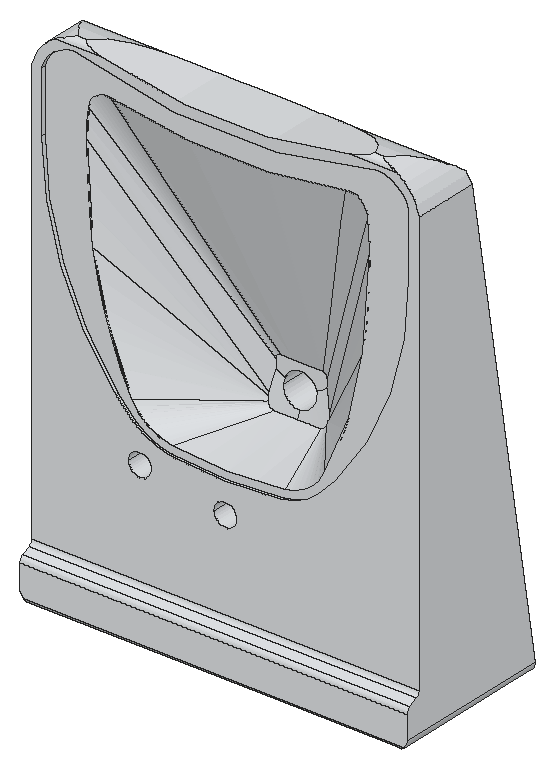
Revit family "Lavatory-TOTO-Commercial-LT308A", category Plumbing Fixtures, host Face, Revit 2013
Parameters (values of type "LT308A")
  ecoScorecard_data = "http://toto.ecoscorecard.com/product/LT308A"
  ecoScorecard Product Page = "http://toto.ecoscorecard.com/product/LT308A?action=html"
  Width = 1' - 8 1/2"
  Waste Connection NPT Radius = 0' - 1 1/4"
  Warranty URL = "http://www.totousa.com/warranty-registration"
  Warranty = "One Year Limited Warranty"  # constant formula
  URL = "http://www.totousa.com"
  Toto BIM Number = "BM-00381"
  Subcategory = "Lavatories"  # constant formula
  Style = "Commercial"
  Spec Sheet URL = "http://assets.totousa.com/product-files/SS-00335_LT308.pdf"
  Sink Type = "Lavatory"
  Sink Configuration = "Single Sink"
  Shipping Weight = 56.00 lbf
  Series = "Commercial"
  SanoGloss Available = no
  Sanitary Connetor = "Sanitary Connetion"
  Product Page URL = " "
  Parts Manual URL = " "
  Mounting = "Wall-mount"
  Model = "LT308A"  # constant formula
  Material = "Vitreous china"
  Manufacturer Phone - Toll Free = "1-888-295-8134"  # constant formula
  Manufacturer Phone = "(770) 282-8686"  # constant formula
  Manufacturer Fax = "(770) 282-0002"  # constant formula
  Manufacturer Email = "mailto:custservice@totousa.com"
  Manufacturer Address = "1155 Southern Road, Morrow, Georgia 30260"  # constant formula
  Manufacturer = "TOTO USA, Inc."  # constant formula
  Installation URL = " "
  Industry Standards = "Meets and exceeds ASME A112.19.2/CSA B45.1"
  Hot Water Connector = "Hot Water Connection"
  Hot Water Connection Radius = 0' - 0 1/4"
  Height = 0' - 0"
  Finish = Vitreous China - TOTO - 01 Cotton
  Description = "Commercial Wall-Mount Wheelchair User's Lavatory - ADA"  # constant formula
  Depth = 2' - 3"
  Default Elevation = 4' - 0"
  Cost Info = "mailto:custservice@totousa.com "
  Color Availability = "Standard, #01 Cotton, #03 Bone, #12 Sedona Beige"
  Cold Water Connector = "Cold Water Connection"
  Cold Water Connection Radius = 0' - 0 1/4"
  Code Compliance = "UPC, IPC, NSPC, NPC Canada,and others"
  Certifications = "IAPMO(cUPC), State of Massachusetts, City of Los Angeles, and others"
  CAD Drawing URL = "http://assets.totousa.com/product-files/AD-00501_LT308A.dxf"
  Basin Width = 1' - 3 1/8"
  Basin Depth = 1' - 2 3/4"
  Assembly Code = "D2010310"
  ADA Compliant = yes
  95 CSI = "15410"  # constant formula
  04 CSI = "22 42 16"  # constant formula
Reference planes (in)
  plane 1 "Center (Front/Back)": y = 0
  plane 2: z = 0
  plane 3 "Center (Left/Right)": x = 0
  plane 4: z = 27
  plane 5: x = -10.25
  plane 6: x = 10.25
Dimensions and locks (in)
  "Depth": plane 4 to host face
  "Width": plane 5 to plane 6
  equal spacing: plane 5, plane 3 "Center (Left/Right)", plane 6
  aligned and locked: plane 2 to host face
  aligned and locked: level to host face
Automatic sketch dimensions
  host sketch curve to host sketch curve = 8' - 0"  (x2)
Nested families (in)
  nested 1: "308" at (0, 3.9022987, 13.5) x (-1, 0, 0) z (0, -1, 0), type "308"
Connectors (in)
  piping at (0, 9.2698314, 0), driven by "Waste Connection NPT Radius", driven by "Sanitary Connetor"
    settings: on nested 1, index 1, connector radius 1 1/4", flow factor 0, pipe flow 0 GPM, pressure drop 0.00 psi, fitting loss kfactor 0, connector angle 0.00°, fixture units 0, engagement length 0' - 0", flow configuration 3, flow direction 2, fitting loss method 0, system type 16, joint type 0, gender type 0, connector reference index -1, connector utility 0, adjustable connector no, is connector primary yes, fitting loss table "", connector description "Sanitary Connetion"
  piping at (-1.9630383, 6.7753039, 0), driven by "Hot Water Connection Radius", driven by "Hot Water Connector"
    settings: on nested 1, index 2, connector radius 1/4", flow factor 0, pipe flow 0 GPM, pressure drop 0.00 psi, fitting loss kfactor 0, connector angle 0.00°, fixture units 0, engagement length 0' - 0", flow configuration 3, flow direction 1, fitting loss method 0, system type 19, joint type 0, gender type 0, connector reference index -1, connector utility 0, adjustable connector no, is connector primary no, fitting loss table "", connector description "Hot Water Connection"
  piping at (1.9630383, 6.7753039, 0), driven by "Cold Water Connection Radius", driven by "Cold Water Connector"
    settings: on nested 1, index 3, connector radius 1/4", flow factor 0, pipe flow 0 GPM, pressure drop 0.00 psi, fitting loss kfactor 0, connector angle 0.00°, fixture units 0, engagement length 0' - 0", flow configuration 0, flow direction 0, fitting loss method 0, system type 20, joint type 0, gender type 0, connector reference index -1, connector utility 0, adjustable connector no, is connector primary no, fitting loss table "", connector description "Cold Water Connection"
Definition of nested family "308"
  Parameters (values of type "308")
    ecoScorecard Product Page = ""
    Width = 1' - 8 1/2"
    Unit = Vitreous China - TOTO - 01 Cotton
    URL = "http://www.totousa.com"
    Manufacturer = ""
    Height = 0' - 0"
    Description = ""
    Depth = 2' - 3"
    Default Elevation = 4' - 0"
    Assembly Code = "D2010310"
  Reference planes (in)
    plane 1 "Center (Front/Back)": y = 0
    plane 2: z = 0
    plane 3 "Center (Left/Right)": x = 0
    plane 4: z = 34
    plane 5: y = 13.5
    plane 6: y = -13.5
    plane 7: x = 10.25
    plane 8: x = -10.25
  Forms (in)
    Extrusion 1, solid
      sketch origin (0, 0, 0) x (1, 0, 0) y (0, 1, 0)
        loop
          line (-48, 48) -> (-48, -48) -> (48, -48) -> (48, 48) -> (-48, 48)
      from 0 to -12
    Extrusion 2, solid, material "Vitreous China - TOTO - 01 Cotton" <- "Unit", detail levels medium+fine
      sketch origin (0, 0, 0) x (0, 1, 0) y (0, 0, 1)
        loop
          line (10.943093, 7.6773033) -> (-13.1540222, 7.6773033)
          arc (-13.1540222, 7.6773033) -> (-13.3872099, 7.5740615) -> (-13.4675259, 7.3320188) r 0.3149663
          arc (-13.4675259, 7.3320188) -> (-13.0467748, 5.7383844) -> (-12.1413309, 4.361114) r 5.1182022
          line (-12.1413309, 4.361114) -> (-9.6010196, 3.9022987) -> (13.4325137, 0.0114)
          arc (13.4325137, 0.0114) -> (13.4817127, 0.0549817) -> (13.5, 0.1181124) r 0.1181124
          line (13.5, 0.1181124) -> (13.5, 8.3466067)
          arc (13.5, 8.3466067) -> (13.4654057, 8.4301247) -> (13.3818876, 8.464719) r 0.1181124
          line (13.3818876, 8.464719) -> (11.7261206, 8.464719)
          arc (11.7261206, 8.464719) -> (11.560533, 8.4176791) -> (11.4444062, 8.2906099) r 0.3149663
          line (11.4444062, 8.2906099) -> (11.2248074, 7.8514124)
          arc (11.2248074, 7.8514124) -> (11.1086805, 7.7243433) -> (10.943093, 7.6773033) r 0.3149663
      from -10.25 to 10.2364044
    Extrusion 3, void
      sketch origin (0, 0, 0) x (1, 0, 0) y (0, 1, 0)
        loop
          arc (7.7155404, -13.4876348) -> (-0.0142634, -12.3816149) -> (-7.7440136, -13.4880094) r 27.5595503
          arc (-7.7440136, -13.4880094) -> (-9.356595, -12.9473349) -> (-10.2506136, -11.5004492) r 2.5012397
          line (-10.2506136, -11.5004492) -> (-11.5, -11.5004492) -> (-11.5, -15.2128771) -> (11.2228088, -15.2128771) -> (11.2228088, -11.5004492) -> (10.2364044, -11.5004492)
          arc (10.2364044, -11.5004492) -> (9.3367891, -12.9517597) -> (7.7155404, -13.4876348) r 2.5012397
      from 2.9929971 to 12
    Blend 4, void
      base sketch origin (0, 0, 0) x (1, 0, 0) y (0, 1, 0)
        loop
          arc (-1.1193632, 3.7562433) -> (-1.2961399, 3.68302) -> (-1.3693632, 3.5062433) r 0.25
          line (-1.3693632, 3.5062433) -> (-1.3693632, 1.4461165)
          arc (-1.3693632, 1.4461165) -> (-1.2961399, 1.2693398) -> (-1.1193632, 1.1961165) r 0.25
          line (-1.1193632, 1.1961165) -> (1.1193632, 1.1961165)
          arc (1.1193632, 1.1961165) -> (1.2961399, 1.2693398) -> (1.3693632, 1.4461165) r 0.25
          line (1.3693632, 1.4461165) -> (1.3693632, 3.5062433)
          arc (1.3693632, 3.5062433) -> (1.2961399, 3.68302) -> (1.1193632, 3.7562433) r 0.25
          line (1.1193632, 3.7562433) -> (-1.1193632, 3.7562433)
      top sketch origin (0, 0, 0) x (1, 0, 0) y (0, 1, 0)
        loop
          arc (5.0667302, 2.5770283) -> (4.2048456, 3.5688796) -> (2.9816573, 4.0489052) r 2.755955
          arc (2.9816573, 4.0489052) -> (0, 4.2478653) -> (-2.9816573, 4.0489052) r 22.4413481
          arc (-2.9816573, 4.0489052) -> (-4.2048456, 3.5688796) -> (-5.0667302, 2.5770283) r 2.755955
          arc (-5.0667302, 2.5770283) -> (-6.3654238, -0.5692789) -> (-7.1248751, -3.8872736) r 20.4728088
          arc (-7.1248751, -3.8872736) -> (-7.391444, -6.3845763) -> (-7.4804494, -8.8944881) r 35.4337075
          arc (-7.4804494, -8.8944881) -> (-7.4541325, -9.6825086) -> (-7.3752993, -10.4670174) r 11.8112358
          arc (-7.3752993, -10.4670174) -> (-6.9651438, -11.1416806) -> (-6.191194, -11.2978847) r 0.9842697
          arc (-6.191194, -11.2978847) -> (0, -10.6342919) -> (6.191194, -11.2978847) r 29.2131233
          arc (6.191194, -11.2978847) -> (6.9651438, -11.1416806) -> (7.3752993, -10.4670174) r 0.9842697
          arc (7.3752993, -10.4670174) -> (7.4541325, -9.6825086) -> (7.4804494, -8.8944881) r 11.8112358
          arc (7.4804494, -8.8944881) -> (7.391444, -6.3845763) -> (7.1248751, -3.8872736) r 35.4337075
          arc (7.1248751, -3.8872736) -> (6.3654238, -0.5692789) -> (5.0667302, 2.5770283) r 20.4728088
      from 2.6805474 to 7.5238432
    Extrusion 5, void
      sketch origin (0, 0, 0) x (1, 0, 0) y (0, 1, 0)
        loop
          line (9.7015716, -11.5743888) -> (9.7015716, -8.3453937)
          arc (9.7015716, -8.3453937) -> (8.7056145, -2.556241) -> (5.8322641, 2.5672419) r 17.3231459
          arc (5.8322641, 2.5672419) -> (5.3683019, 3.0940851) -> (4.8631984, 3.5816249) r 8.6615729
          arc (4.8631984, 3.5816249) -> (3.9808596, 4.1571455) -> (2.9683132, 4.4478267) r 3.5433708
          arc (2.9683132, 4.4478267) -> (0, 4.6415731) -> (-2.9683132, 4.4478267) r 22.835056
          arc (-2.9683132, 4.4478267) -> (-3.9808596, 4.1571455) -> (-4.8631984, 3.5816249) r 3.5433708
          arc (-4.8631984, 3.5816249) -> (-5.3683019, 3.0940851) -> (-5.8322641, 2.5672419) r 8.6615729
          arc (-5.8322641, 2.5672419) -> (-8.7056145, -2.556241) -> (-9.7015716, -8.3453937) r 17.3231459
          line (-9.7015716, -8.3453937) -> (-9.7015716, -11.6188506)
          arc (-9.7015716, -11.6188506) -> (-9.0770118, -12.5304052) -> (-8.0639008, -12.9715549) r 2.0012397
          arc (-8.0639008, -12.9715549) -> (-0.0022933, -11.787865) -> (8.0595077, -12.9702372) r 28.0595503
          arc (8.0595077, -12.9702372) -> (9.0844869, -12.5122348) -> (9.7015716, -11.5743888) r 2.0012397
      from 7.5238432 to 12
    Extrusion 6, void
      sketch origin (0, 0, 0) x (1, 0, 0) y (0, 1, 0)
        loop
          circle (0, 2.4761799) r 0.876
      from -2.8686744 to 12
    Extrusion 7, void
      sketch origin (0, 0, 0) x (1, 0, 0) y (0, 1, 0)
        loop
          line (-10.25, 13.5) -> (-10.25, 12.9504562)
          arc (-10.25, 12.9504562) -> (-10.0890423, 13.3390423) -> (-9.7004562, 13.5) r 0.5495438
          line (-9.7004562, 13.5) -> (-10.25, 13.5)
        loop
          line (10.25, 13.5) -> (9.7004562, 13.5)
          arc (9.7004562, 13.5) -> (10.0890423, 13.3390423) -> (10.25, 12.9504562) r 0.5495438
          line (10.25, 12.9504562) -> (10.25, 13.5)
      from -1.6967394 to 12
    Revolve 8, solid, material "Vitreous China - TOTO - 01 Cotton" <- "Unit", detail levels medium+fine
      sketch origin (0, 1.7817285, 0) x (1, 0, 0) y (0, 0, 1)
        loop
          arc (-1.7945399, 0.1168629) -> (-1.7222779, 0.0308252) -> (-1.6146354, -0.0013828) r 0.1959805
          line (-1.6146354, -0.0013828) -> (0, -0.0013828) -> (0, 4.1163403) -> (-2.7434627, 4.1163403)
          arc (-2.7434627, 4.1163403) -> (-2.4443314, 2.0750024) -> (-1.7945399, 0.1168629) r 11.8107618
        axis (0, 4.1163403) -> (0, -0.0013828)
      angle from 0 to 360
    Extrusion 9, void
      sketch origin (0, 0, 0) x (1, 0, 0) y (0, 1, 0)
        loop
          circle (0, 6.2164046) r 0.6102472
        loop
          circle (4.5276, 5.4290046) r 0.6102472
      from 0 to 12
    Revolve 10, solid, material "Vitreous China - TOTO - 01 Cotton" <- "Unit", detail levels medium+fine
      sketch origin (0, 0, 0) x (0, 1, 0) y (0, 0, 1)
        loop
          arc (-5.2292298, 1.6322601) -> (-2.6395611, 0.9799616) -> (0, 0.5742588) r 28.346966
          line (0, 0.5742588) -> (0, 2.2804635) -> (-9.6010196, 3.9022987)
          arc (-9.6010196, 3.9022987) -> (-7.5204443, 2.5644479) -> (-5.2292298, 1.6322601) r 13.3860673
        axis (0, 0.5742588) -> (0, 3.9022987)
      angle from 0 to 360
    Extrusion 11, solid, material "Vitreous China - TOTO - 01 Cotton" <- "Unit", detail levels coarse
      sketch origin (0, 0, 0) x (0, 1, 0) y (0, 0, 1)
        loop
          line (13.5, 8.464719) -> (11.7261206, 8.464719)
          arc (11.7261206, 8.464719) -> (11.560533, 8.4176791) -> (11.4444062, 8.2906099) r 0.3149663
          line (11.4444062, 8.2906099) -> (11.2248074, 7.8514124)
          arc (11.2248074, 7.8514124) -> (11.1086805, 7.7243433) -> (10.943093, 7.6773033) r 0.3149663
          line (10.943093, 7.6773033) -> (-13.1540222, 7.6773033)
          arc (-13.1540222, 7.6773033) -> (-13.3872099, 7.5740615) -> (-13.4675259, 7.3320188) r 0.3149663
          arc (-13.4675259, 7.3320188) -> (-13.0369318, 5.7164726) -> (-12.1086545, 4.3258965) r 5.1182022
          line (-12.1086545, 4.3258965) -> (13.5, 0) -> (13.5, 8.464719)
      from -10.25 to 10.25
    Extrusion 12, solid, material "Vitreous China - TOTO - 01 Cotton" <- "Unit", detail levels coarse
      sketch origin (0, 0, 0) x (0, 1, 0) y (0, 0, 1)
        loop
          line (-9.6010196, 3.9022987) -> (-9.6010196, 0) -> (4.7198251, 0) -> (4.7198251, 1.4831755) -> (-9.6010196, 3.9022987)
      from -7.3760909 to 7.3236446
    Extrusion 13, solid, material "Vitreous China - TOTO - 01 Cotton" <- "Unit"
      sketch origin (0, 0, 0) x (1, 0, 0) y (0, 0, 1)
        loop
          circle (0, -5.3675327) r 0.625
        loop
          circle (1.9630383, -2.8730051) r 0.25
        loop
          circle (-1.9630383, -2.8730051) r 0.25
      from -13.5 to -13.375
  Cuts and joins
    Extrusion 3, Blend 4, Extrusion 5, Extrusion 6, Extrusion 7, Extrusion 9 cuts Extrusion 2
    Blend 4, Extrusion 6, Extrusion 9 cuts Revolve 8
    Extrusion 6 cuts Revolve 10
    joined: Extrusion 2, Revolve 8, Revolve 10
    Extrusion 6 cuts Extrusion 12
  Lines and regions (in)
    symbolic lines
      curve 1: line (-9.7004562, 13.5, 0) -> (9.7004562, 13.5, 0)
      curve 2: line (10.2364044, 13.0719384, 0) -> (10.2364044, -11.5004492, 0)
      curve 3: line (-10.25, 12.9504562, 0) -> (-10.25, -11.5033686, 0)
      curve 33: arc (-0.6102472, 6.2164046, 0) -> (0, 5.6061574, 0) -> (0.6102472, 6.2164046, 0) r 0.6102472
      curve 34: arc (0.6102472, 6.2164046, 0) -> (0, 6.8266518, 0) -> (-0.6102472, 6.2164046, 0) r 0.6102472
      curve 37: line (-10.25, 0, 8.464719) -> (-10.25, 0, 0)
      curve 38: line (-10.25, 0, 0) -> (10.25, 0, 0)
      curve 39: line (10.25, 0, 0) -> (10.25, 0, 8.464719)
      curve 40: line (10.25, 0, 8.464719) -> (-10.25, 0, 8.464719)
      curve 42: line (-10.25, 0, 3.9022987) -> (10.25, 0, 3.9022987)
      curve 56: line (0, 13.3818876, 8.464719) -> (0, 11.7261206, 8.464719)
      curve 57: arc (0, 11.7261206, 8.464719) -> (0, 11.560533, 8.4176791) -> (0, 11.4444062, 8.2906099) r 0.3149663
      curve 58: line (0, 11.4444062, 8.2906099) -> (0, 11.2248074, 7.8514124)
      curve 59: arc (0, 11.2248074, 7.8514124) -> (0, 11.1086805, 7.7243433) -> (0, 10.943093, 7.6773033) r 0.3149663
      curve 60: line (0, 10.943093, 7.6773033) -> (0, -13.1540222, 7.6773033)
      curve 61: arc (0, -13.1540222, 7.6773033) -> (0, -13.3872099, 7.5740615) -> (0, -13.4675259, 7.3320188) r 0.3149663
      curve 62: arc (0, -13.4675259, 7.3320188) -> (0, -13.0467748, 5.7383844) -> (0, -12.1413309, 4.361114) r 5.1182022
      curve 63: line (0, -12.1413309, 4.361114) -> (0, -9.6010196, 3.9022987)
      curve 64: line (0, -9.6010196, 3.9022987) -> (0, 13.4325137, 0.0114)
      curve 65: arc (0, 13.4325137, 0.0114) -> (0, 13.4817127, 0.0549817) -> (0, 13.5, 0.1181124) r 0.1181124
      curve 66: line (0, 13.5, 0.1181124) -> (0, 13.5, 8.3466067)
      curve 67: arc (0, 13.5, 8.3466067) -> (0, 13.4654057, 8.4301247) -> (0, 13.3818876, 8.464719) r 0.1181124
      curve 77: line (0, 3.4085215, 0) -> (0, 0.1560256, 0)
      curve 92: arc (3.9173528, 5.4290046, 0) -> (4.5276, 4.8187574, 0) -> (5.1378472, 5.4290046, 0) r 0.6102472
      curve 93: arc (5.1378472, 5.4290046, 0) -> (4.5276, 6.0392518, 0) -> (3.9173528, 5.4290046, 0) r 0.6102472
    symbolic lines, detail levels medium+fine
      curve 4: arc (-7.7440136, -13.4880094, 0) -> (-9.3554259, -12.9482613, 0) -> (-10.25, -11.5033686, 0) r 2.5012397
      curve 5: arc (7.7155404, -13.4876348, 0) -> (-0.0142634, -12.3816149, 0) -> (-7.7440136, -13.4880094, 0) r 27.5595503
      curve 6: arc (10.2364044, -11.5004492, 0) -> (9.3367891, -12.9517597, 0) -> (7.7155404, -13.4876348, 0) r 2.5012397
      curve 7: arc (-10.25, 12.9504562, 0) -> (-10.0890423, 13.3390423, 0) -> (-9.7004562, 13.5, 0) r 0.5495438
      curve 8: arc (9.7004562, 13.5, 0) -> (10.0434129, 13.3798501, 0) -> (10.2364044, 13.0719384, 0) r 0.5495438
      curve 9: arc (-9.7015716, -8.3453937, 0) -> (-8.7056145, -2.556241, 0) -> (-5.8322641, 2.5672419, 0) r 17.3231459
      curve 10: arc (-5.8322641, 2.5672419, 0) -> (-5.3683019, 3.0940851, 0) -> (-4.8631984, 3.5816249, 0) r 8.6615729
      curve 11: arc (-4.8631984, 3.5816249, 0) -> (-3.9808596, 4.1571455, 0) -> (-2.9683132, 4.4478267, 0) r 3.5433708
      curve 12: arc (-2.9683132, 4.4478267, 0) -> (0, 4.6415731, 0) -> (2.9683132, 4.4478267, 0) r 22.835056
      curve 13: arc (2.9683132, 4.4478267, 0) -> (3.9808596, 4.1571455, 0) -> (4.8631984, 3.5816249, 0) r 3.5433708
      curve 14: arc (4.8631984, 3.5816249, 0) -> (5.3683019, 3.0940851, 0) -> (5.8322641, 2.5672419, 0) r 8.6615729
      curve 15: arc (5.8322641, 2.5672419, 0) -> (8.7056145, -2.556241, 0) -> (9.7015716, -8.3453937, 0) r 17.3231459
      curve 16: line (9.7015716, -8.3453937, 0) -> (9.7015716, -11.5743888, 0)
      curve 17: arc (9.7015716, -11.5743888, 0) -> (9.0844869, -12.5122348, 0) -> (8.0595077, -12.9702372, 0) r 2.0012397
      curve 18: arc (8.0595077, -12.9702372, 0) -> (-0.0022933, -11.787865, 0) -> (-8.0639008, -12.9715549, 0) r 28.0595503
      curve 19: arc (-8.0639008, -12.9715549, 0) -> (-9.0770118, -12.5304052, 0) -> (-9.7015716, -11.6188506, 0) r 2.0012397
      curve 20: line (-9.7015716, -11.6188506, 0) -> (-9.7015716, -8.3453937, 0)
      curve 21: arc (-2.9816573, 4.0489052, 0) -> (-4.2048456, 3.5688796, 0) -> (-5.0667302, 2.5770283, 0) r 2.755955
      curve 22: arc (2.9816573, 4.0489052, 0) -> (0, 4.2478653, 0) -> (-2.9816573, 4.0489052, 0) r 22.4413481
      curve 23: arc (5.0667302, 2.5770283, 0) -> (4.2048456, 3.5688796, 0) -> (2.9816573, 4.0489052, 0) r 2.755955
      curve 24: arc (7.1248751, -3.8872736, 0) -> (6.3654238, -0.5692789, 0) -> (5.0667302, 2.5770283, 0) r 20.4728088
      curve 25: arc (7.4804494, -8.8944881, 0) -> (7.391444, -6.3845763, 0) -> (7.1248751, -3.8872736, 0) r 35.4337075
      curve 26: arc (6.191194, -11.2978847, 0) -> (6.9651438, -11.1416806, 0) -> (7.3752993, -10.4670174, 0) r 0.9842697
      curve 27: arc (-6.191194, -11.2978847, 0) -> (0, -10.6342919, 0) -> (6.191194, -11.2978847, 0) r 29.2131233
      curve 28: arc (-7.3752993, -10.4670174, 0) -> (-6.9651438, -11.1416806, 0) -> (-6.191194, -11.2978847, 0) r 0.9842697
      curve 29: arc (-7.1248751, -3.8872736, 0) -> (-7.391444, -6.3845763, 0) -> (-7.4804494, -8.8944881, 0) r 35.4337075
      curve 30: arc (-5.0667302, 2.5770283, 0) -> (-6.3654238, -0.5692789, 0) -> (-7.1248751, -3.8872736, 0) r 20.4728088
      curve 31: arc (-7.4804494, -8.8944881, 0) -> (-7.4541325, -9.6825086, 0) -> (-7.3752993, -10.4670174, 0) r 11.8112358
      curve 32: arc (7.3752993, -10.4670174, 0) -> (7.4541325, -9.6825086, 0) -> (7.4804494, -8.8944881, 0) r 11.8112358
      curve 35: arc (0.876, 2.4761799, 0) -> (0, 3.3521799, 0) -> (-0.876, 2.4761799, 0) r 0.876
      curve 36: arc (-0.876, 2.4761799, 0) -> (0, 1.6001799, 0) -> (0.876, 2.4761799, 0) r 0.876
      curve 41: line (-10.25, 0, 7.6773033) -> (10.25, 0, 7.6773033)
      curve 43: line (-2.0904316, 0, 0.8779436) -> (-1.7941111, 0, 0.1060022)
      curve 44: arc (-1.7941111, 0, 0.1060022) -> (-1.7233252, 0, 0.0305426) -> (-1.6244721, 0, 0) r 0.2021102
      curve 45: line (2.0904316, 0, 0.8779436) -> (1.7941111, 0, 0.1060022)
      curve 46: arc (1.7941111, 0, 0.1060022) -> (1.7233252, 0, 0.0305426) -> (1.6244721, 0, 0) r 0.2021102
      curve 47: arc (-2.0904316, 0, 0.8779436) -> (0, 0, 0.6062727) -> (2.0904316, 0, 0.8779436) r 8.1784799
      curve 48: arc (-2.0904316, 0, 0.8779436) -> (-4.7236072, 0, 1.462872) -> (-7.2443894, 0, 2.4227742) r 18.5864011
      curve 49: arc (-7.2443894, 0, 2.4227742) -> (-7.3590177, 0, 2.6909516) -> (-7.2081819, 0, 2.9405658) r 0.3196347
      curve 50: arc (-7.2081819, 0, 2.9405658) -> (-5.7891195, 0, 3.4493657) -> (-4.2972947, 0, 3.6663315) r 7.5560361
      curve 51: arc (-4.2972947, 0, 3.6663315) -> (-2.1521785, 0, 3.8486228) -> (0, 0, 3.9022987) r 35.981601
      curve 52: arc (2.0904316, 0, 0.8779436) -> (4.7236072, 0, 1.462872) -> (7.2443894, 0, 2.4227742) r 18.5864011
      curve 53: arc (7.2443894, 0, 2.4227742) -> (7.3590177, 0, 2.6909516) -> (7.2081819, 0, 2.9405658) r 0.3196347
      curve 54: arc (7.2081819, 0, 2.9405658) -> (5.7891195, 0, 3.4493657) -> (4.2972947, 0, 3.6663315) r 7.5560361
      curve 55: arc (4.2972947, 0, 3.6663315) -> (2.1521785, 0, 3.8486228) -> (0, 0, 3.9022987) r 35.981601
      curve 68: line (0, 4.7198251, 1.4831755) -> (0, 4.0120137, 1.2933071)
      curve 69: line (0, 4.0120137, 1.2933071) -> (0, 1.6419925, 1.002305)
      curve 70: arc (0, 1.6419925, 1.002305) -> (0, 0.8154234, 0.8713894) -> (0, 0, 0.683134) r 11.9897488
      curve 71: arc (0, 0, 0.683134) -> (0, -0.1067698, 0.6468918) -> (0, -0.2078967, 0.5970253) r 0.8621197
      curve 72: arc (0, -0.2078967, 0.5970253) -> (0, -2.4328768, 0.9423919) -> (0, -4.625219, 1.4556658) r 29.6393641
      curve 73: arc (0, -4.625219, 1.4556658) -> (0, -6.5184508, 2.1141005) -> (0, -8.3072384, 3.0185903) r 15.0310313
      curve 74: arc (0, -8.3072384, 3.0185903) -> (0, -8.9683561, 3.4396155) -> (0, -9.6010196, 3.9022987) r 12.1775845
      curve 75: line (0, 4.0120137, 1.2933071) -> (0, 3.5844885, 0.1186913)
      curve 76: arc (0, 3.5844885, 0.1186913) -> (0, 3.5157876, 0.0307581) -> (0, 3.4085215, 0) r 0.1805546
      curve 78: line (0, -0.2078967, 0.5970253) -> (0, -0.0126502, 0.1137733)
      curve 79: arc (0, 0.1560256, 0) -> (0, 0.0542957, 0.0311019) -> (0, -0.0126502, 0.1137733) r 0.1819227
    symbolic lines, detail levels coarse
      curve 80: line (-10.25, -11.5033686, 0) -> (-10.25, -13.5, 0)
      curve 81: line (-10.25, -13.5, 0) -> (10.25, -13.5, 0)
      curve 82: line (10.25, -13.5, 0) -> (10.25, -11.5, 0)
      curve 83: line (-10.25, 12.9504562, 0) -> (-10.25, 13.5, 0)
      curve 84: line (-9.7004562, 13.5, 0) -> (-10.25, 13.5, 0)
      curve 85: line (9.7004562, 13.5, 0) -> (10.2364044, 13.5, 0)
      curve 86: line (10.2364044, 13.0719384, 0) -> (10.2364044, 13.5, 0)
      curve 87: line (0, 4.7198251, 1.4831755) -> (0, 4.7198251, 0)
      curve 88: line (0, -9.6010196, 0) -> (0, 4.7198251, 0)
      curve 89: line (0, -9.6010196, 3.9022987) -> (0, -9.6010196, 0)
      curve 90: line (-7.3590177, 0, 0) -> (-7.3590177, 0, 3.9022987)
      curve 91: line (7.3590177, 0, 0) -> (7.3590177, 0, 3.9022987)
  Dimensions and locks (in)
    plane 4 to level = 2' - 10"
    equal spacing: plane 5, plane 1 "Center (Front/Back)", plane 6
    "Depth": plane 5 to plane 6
    equal spacing: plane 8, plane 3 "Center (Left/Right)", plane 7
    "Width": plane 8 to plane 7
    Blend 4 sketch curve to Blend 4 sketch curve = 0' - 2.56013"
    equal spacing: Blend 4 sketch curve, plane 3 "Center (Left/Right)", Blend 4 sketch curve
    aligned and locked: plane 2 to Extrusion 1
    aligned and locked: level to Extrusion 1
  Automatic sketch dimensions
    Extrusion 1 sketch curve to Extrusion 1 sketch curve = 8' - 0"  (x2)
    Extrusion 2 sketch curve to plane 5 = 0' - 0"
    level to Extrusion 2 sketch curve = 0' - 0.0114"
    Extrusion 2 sketch curve to plane 5 = 0' - 0.06749"
    Extrusion 2 sketch curve to plane 5 = 0' - 0.11811"
    level to Extrusion 2 sketch curve = 0' - 0.11811"
    Extrusion 2 sketch curve to Extrusion 2 sketch curve = 0' - 1.65577"
    Extrusion 2 sketch curve to Extrusion 2 sketch curve = 0' - 0.28171"  (x2)
    Extrusion 2 sketch curve to Extrusion 2 sketch curve = 0' - 0.2196"
    plane 6 to Extrusion 2 sketch curve = 0' - 5.12691"
    plane 6 to Extrusion 2 sketch curve = 0' - 3.89898"
    plane 6 to Extrusion 2 sketch curve = 0' - 1.35867"
    plane 6 to Extrusion 2 sketch curve = 0' - 0.34598"
    plane 6 to Extrusion 2 sketch curve = 0' - 0.03247"
    Extrusion 2 sketch curve to Extrusion 2 sketch curve = 0' - 0"
    level to Extrusion 2 sketch curve = 0' - 3.9023"
    Extrusion 2 sketch curve to Extrusion 2 sketch curve = 0' - 0.45882"
    Extrusion 2 sketch curve to Extrusion 2 sketch curve = 0' - 2.9709"
    Extrusion 2 sketch curve to Extrusion 2 sketch curve = 0' - 0.17411"
    Extrusion 2 sketch curve to Extrusion 2 sketch curve = 0' - 0.29834"
    Extrusion 2 sketch curve to Extrusion 2 sketch curve = 0' - 0.14086"
    plane 8 to Extrusion 3 sketch curve = 0' - 1 1/4"
    plane 8 to Extrusion 3 sketch curve = 0' - 0.00061"
    Extrusion 3 sketch curve to plane 8 = 0' - 2.44745"
    plane 6 to Extrusion 3 sketch curve = 0' - 0.01199"
    Extrusion 3 sketch curve to Extrusion 3 sketch curve = 0' - 0.05853"
    Extrusion 3 sketch curve to plane 3 "Center (Left/Right)" = 0' - 0.0136"
    plane 6 to Extrusion 3 sketch curve = 0' - 0.01237"
    plane 7 to Extrusion 3 sketch curve = 0' - 2.46166"
    plane 7 to Extrusion 3 sketch curve = 0' - 0.0136"
    Extrusion 3 sketch curve to plane 7 = 0' - 0.97281"
    Extrusion 3 sketch curve to plane 6 = 0' - 1.71288"
    Extrusion 3 sketch curve to plane 6 = 2' - 2.44117"
    plane 6 to Extrusion 3 sketch curve = 0' - 1.99955"  (x2)
    Blend 4 sketch curve to plane 3 "Center (Left/Right)" = 0' - 1.36936"
    Blend 4 sketch curve to Blend 4 sketch curve = 0' - 0 1/4"  (x4)
    Blend 4 sketch curve to plane 1 "Center (Front/Back)" = 0' - 1.19612"
    Blend 4 sketch curve to plane 3 "Center (Left/Right)" = 0' - 0"  (x2)
    Blend 4 sketch curve to plane 1 "Center (Front/Back)" = 0' - 1.31738"  (x2)
    Blend 4 sketch curve to plane 3 "Center (Left/Right)" = 0' - 2.61549"
    Blend 4 sketch curve to Blend 4 sketch curve = 0' - 0.36617"
    Blend 4 sketch curve to Blend 4 sketch curve = 0' - 0"  (x11)
    Blend 4 sketch curve to plane 3 "Center (Left/Right)" = 0' - 4.33079"
    Blend 4 sketch curve to Blend 4 sketch curve = 0' - 2.08507"  (x2)
    Blend 4 sketch curve to Blend 4 sketch curve = 0' - 1.86041"  (x2)
    Blend 4 sketch curve to Blend 4 sketch curve = 0' - 0.2086"  (x2)
    Blend 4 sketch curve to plane 8 = 0' - 3.12512"
    Blend 4 sketch curve to Blend 4 sketch curve = 0' - 0.97551"  (x2)
    Blend 4 sketch curve to Blend 4 sketch curve = 0' - 0.10515"
    plane 8 to Blend 4 sketch curve = 0' - 2.89249"
    plane 6 to Blend 4 sketch curve = 0' - 4.60551"
    Blend 4 sketch curve to Blend 4 sketch curve = 1' - 2.81077"
    plane 3 "Center (Left/Right)" to Blend 4 sketch curve = 0' - 2.61549"
    plane 3 "Center (Left/Right)" to Blend 4 sketch curve = 0' - 4.33079"
    plane 1 "Center (Front/Back)" to Blend 4 sketch curve = 0' - 3.88727"
    Extrusion 5 sketch curve to plane 3 "Center (Left/Right)" = 0' - 0"  (x2)
    Extrusion 5 sketch curve to plane 3 "Center (Left/Right)" = 0' - 0.89466"
    Extrusion 5 sketch curve to plane 1 "Center (Front/Back)" = 0' - 0.93452"  (x2)
    Extrusion 5 sketch curve to plane 3 "Center (Left/Right)" = 0' - 2.50771"
    Extrusion 5 sketch curve to plane 3 "Center (Left/Right)" = 0' - 2.96831"
    Extrusion 5 sketch curve to Extrusion 5 sketch curve = 0' - 0"  (x6)
    Extrusion 5 sketch curve to Extrusion 5 sketch curve = 0' - 1.89489"  (x2)
    Extrusion 5 sketch curve to Extrusion 5 sketch curve = 0' - 0.96907"  (x2)
    Extrusion 5 sketch curve to plane 8 = 0' - 2.62843"
    Extrusion 5 sketch curve to plane 8 = 0' - 2.44745"
    plane 6 to Extrusion 5 sketch curve = 0' - 0.52845"
    Extrusion 5 sketch curve to Extrusion 5 sketch curve = 0' - 0.26136"
    Extrusion 5 sketch curve to plane 8 = 0' - 0.54843"
    plane 3 "Center (Left/Right)" to Extrusion 5 sketch curve = 0' - 0.89466"
    plane 3 "Center (Left/Right)" to Extrusion 5 sketch curve = 0' - 2.50771"
    plane 7 to Extrusion 5 sketch curve = 0' - 2.62843"
    Extrusion 5 sketch curve to Extrusion 5 sketch curve = 0' - 1.91324"
    plane 6 to Extrusion 5 sketch curve = 0' - 0.52976"
    Extrusion 5 sketch curve to Extrusion 5 sketch curve = 0' - 0.27117"
    plane 6 to Extrusion 5 sketch curve = 0' - 1.88115"
    plane 6 to Extrusion 5 sketch curve = 0' - 1.92561"
    Extrusion 7 sketch curve to plane 5 = 0' - 0"  (x4)
    Extrusion 7 sketch curve to plane 8 = 0' - 0"  (x2)
    Extrusion 7 sketch curve to plane 7 = 0' - 0"  (x2)
    Extrusion 7 sketch curve to plane 8 = 0' - 0.54954"
    Extrusion 7 sketch curve to Extrusion 7 sketch curve = 0' - 0"  (x4)
    Extrusion 7 sketch curve to plane 5 = 0' - 0.54954"
    Revolve 8 sketch curve to plane 3 "Center (Left/Right)" = 0' - 0"  (x2)
    level to Revolve 8 sketch curve = 0' - 0.1946"
    Revolve 8 sketch curve to plane 3 "Center (Left/Right)" = 0' - 1.61464"
    level to Revolve 8 sketch curve = 0' - 0.11686"
    Revolve 8 sketch curve to Revolve 8 sketch curve = 0' - 0.1799"
    Revolve 8 sketch curve to Revolve 8 sketch curve = 0' - 0"  (x2)
    Revolve 8 sketch curve to Revolve 8 sketch curve = 0' - 2.74346"
    plane 7 to Revolve 8 sketch curve = 0' - 1.20259"
    Revolve 8 sketch curve to Revolve 8 sketch curve = 0' - 0.60104"
    Revolve 10 sketch curve to plane 1 "Center (Front/Back)" = 0' - 0"  (x2)
    plane 1 "Center (Front/Back)" to Revolve 10 sketch curve = 0' - 1.35179"
    level to Revolve 10 sketch curve = 0' - 1.63226"
    plane 1 "Center (Front/Back)" to Revolve 10 sketch curve = 0' - 5.22923"
    Revolve 10 sketch curve to Revolve 10 sketch curve = 0' - 0"  (x2)
    plane 6 to Revolve 10 sketch curve = 0' - 3.89898"
    Revolve 10 sketch curve to plane 1 "Center (Front/Back)" = 0' - 2.98182"
    level to Revolve 10 sketch curve = 0' - 0.57426"
    Revolve 10 sketch curve to Revolve 10 sketch curve = 0' - 1.7062"
    Revolve 10 sketch curve to Revolve 10 sketch curve = 0' - 1"
    curve 71 to plane 1 "Center (Front/Back)" = 0' - 0"
    curve 70 to plane 1 "Center (Front/Back)" = 0' - 0"
    curve 79 to level = 0' - 0"
    curve 66 to plane 5 = 0' - 0"
    plane 1 "Center (Front/Back)" to curve 78 = 0' - 0.01265"
    plane 1 "Center (Front/Back)" to curve 78 = 0' - 0.2079"
    plane 1 "Center (Front/Back)" to curve 73 = 0' - 0.64536"
    plane 1 "Center (Front/Back)" to curve 74 = 0' - 2.09987"
    level to curve 73 = 0' - 1.45567"
    curve 73 to curve 71 = 0' - 4.41732"
    curve 72 to curve 73 = 0' - 0"
    level to curve 73 = 0' - 3.01859"
    curve 73 to curve 73 = 0' - 3.68202"
    curve 74 to curve 73 = 0' - 0"
    curve 62 to curve 73 = 0' - 0.06585"
    plane 6 to curve 89 = 0' - 3.89898"
    plane 6 to curve 63 = 0' - 1.35867"
    plane 6 to curve 61 = 0' - 0.34598"
    plane 6 to curve 62 = 0' - 0.03247"
    curve 61 to curve 62 = 0' - 0"
    curve 79 to plane 1 "Center (Front/Back)" = 0' - 0.15603"
    curve 71 to level = 0' - 0.14961"
    curve 79 to curve 71 = 0' - 0.06711"
    level to curve 70 = 0' - 1.00231"
    curve 70 to plane 1 "Center (Front/Back)" = 0' - 1.64199"
    curve 70 to plane 1 "Center (Front/Back)" = 0' - 3.10318"
    curve 70 to curve 77 = 0' - 1.76653"
    curve 77 to curve 76 = 0' - 0.0063"
    level to curve 76 = 0' - 0.11869"
    curve 76 to curve 76 = 0' - 0.16967"
    level to curve 68 = 0' - 1.29331"
    curve 76 to curve 68 = 0' - 0.42753"
    curve 75 to curve 87 = 0' - 1.13534"
    curve 59 to plane 5 = 0' - 2.55691"
    curve 59 to curve 58 = 0' - 0.28171"
    curve 59 to curve 57 = 0' - 0.2196"
    curve 57 to curve 57 = 0' - 0.28171"
    curve 65 to plane 5 = 0' - 0.11811"
    curve 56 to plane 5 = 0' - 0.11811"
    level to curve 64 = 0' - 0.0114"
    curve 64 to plane 5 = 0' - 0.06749"
    curve 87 to level = 0' - 0"
    level to curve 79 = 0' - 0.11377"
    curve 63 to curve 63 = 0' - 0.45882"
    curve 62 to curve 61 = 0' - 2.9709"
    curve 60 to curve 58 = 0' - 0.17411"
    curve 59 to curve 57 = 0' - 0.29834"
    curve 57 to curve 58 = 0' - 0.14086"
    Extrusion 11 sketch curve to plane 5 = 0' - 2.05559"
    Extrusion 11 sketch curve to Extrusion 11 sketch curve = 0' - 0.28171"  (x2)
    level to Extrusion 11 sketch curve = 0' - 8.14975"
    Extrusion 11 sketch curve to Extrusion 11 sketch curve = 0' - 0.14086"
    Extrusion 11 sketch curve to Extrusion 11 sketch curve = 0' - 0.2196"
    Extrusion 11 sketch curve to Extrusion 11 sketch curve = 0' - 0.4392"
    Extrusion 11 sketch curve to Extrusion 11 sketch curve = 0' - 0.17411"
    plane 6 to Extrusion 11 sketch curve = 0' - 0.34598"
    plane 6 to Extrusion 11 sketch curve = 0' - 0.03247"
    Extrusion 11 sketch curve to Extrusion 11 sketch curve = 0' - 0.31497"
    Extrusion 11 sketch curve to Extrusion 11 sketch curve = 0' - 0"
    plane 6 to Extrusion 11 sketch curve = 0' - 1.39135"
    Extrusion 11 sketch curve to Extrusion 11 sketch curve = 0' - 4.78093"
    Extrusion 11 sketch curve to Extrusion 11 sketch curve = 0' - 4.3259"
    Extrusion 11 sketch curve to plane 5 = 0' - 0"
    Extrusion 12 sketch curve to level = 0' - 0"
    plane 6 to Extrusion 12 sketch curve = 0' - 3.89898"
    Extrusion 12 sketch curve to plane 1 "Center (Front/Back)" = 0' - 4.71983"
    Extrusion 12 sketch curve to Extrusion 12 sketch curve = 0' - 3.9023"
    level to Extrusion 12 sketch curve = 0' - 1.48318"
    plane 8 to curve 37 = 0' - 0"
    curve 51 to plane 3 "Center (Left/Right)" = 0' - 0"
    curve 55 to plane 3 "Center (Left/Right)" = 0' - 0"
    curve 47 to plane 3 "Center (Left/Right)" = 0' - 0"
    curve 91 to level = 0' - 0"
    plane 7 to curve 40 = 0' - 0"
    curve 90 to plane 8 = 0' - 2.89098"
    curve 90 to curve 48 = 0' - 0.11463"
    curve 48 to curve 49 = 0' - 0.03621"
    curve 48 to curve 49 = 0' - 0.20423"
    curve 49 to curve 50 = 0' - 2.74287"
    curve 50 to plane 3 "Center (Left/Right)" = 0' - 3.96115"
    level to curve 43 = 0' - 0.87794"
    curve 43 to plane 3 "Center (Left/Right)" = 0' - 2.09043"
    level to curve 44 = 0' - 0.106"
    curve 43 to curve 44 = 0' - 0.29632"
    curve 44 to curve 44 = 0' - 0.16964"
    level to curve 44 = 0' - 0.20194"
    curve 52 to plane 3 "Center (Left/Right)" = 0' - 0.61286"
    curve 51 to plane 3 "Center (Left/Right)" = 0' - 0.17938"
    plane 3 "Center (Left/Right)" to curve 55 = 0' - 0.17938"
    plane 3 "Center (Left/Right)" to curve 48 = 0' - 0.61286"
    level to curve 46 = 0' - 0.20194"
    plane 3 "Center (Left/Right)" to curve 46 = 0' - 1.61622"
    curve 46 to curve 46 = 0' - 0.00825"
    level to curve 45 = 0' - 0.106"
    level to curve 45 = 0' - 0.87794"
    plane 3 "Center (Left/Right)" to curve 54 = 0' - 3.96115"
    curve 52 to curve 55 = 0' - 2.20686"
    curve 55 to curve 53 = 0' - 2.74287"
    curve 53 to curve 54 = 0' - 0.16802"
    curve 53 to curve 53 = 0' - 0.20423"
    curve 53 to curve 91 = 0' - 0.11463"
    curve 54 to level = 0' - 3.88222"
    curve 50 to level = 0' - 3.88222"
    curve 55 to curve 54 = 2' - 4.19663"
    curve 51 to curve 55 = 0' - 0"
    level to curve 49 = 0' - 2.42277"
    level to curve 52 = 0' - 2.42277"
    curve 53 to curve 53 = 0' - 0.24588"
    curve 42 to curve 41 = 0' - 3.775"
    curve 41 to curve 40 = 0' - 0.78742"
    curve 51 to curve 47 = 0' - 4.88245"
    Extrusion 13 sketch curve to plane 3 "Center (Left/Right)" = 0' - 0"
    Extrusion 13 sketch curve to plane 3 "Center (Left/Right)" = 0' - 1.96304"
    plane 3 "Center (Left/Right)" to Extrusion 13 sketch curve = 0' - 1.96304"
    Extrusion 13 sketch curve to level = 0' - 5.36753"
    Extrusion 13 sketch curve to level = 0' - 2.87301"  (x2)
    curve 4 to curve 19 = 0' - 0"  (x2)
    curve 6 to curve 17 = 0' - 0"  (x2)
    curve 12 to curve 22 = 0' - 0"  (x2)
    curve 18 to curve 27 = 0' - 0"  (x2)
    curve 33 to curve 34 = 0' - 0"  (x2)
    curve 35 to curve 36 = 0' - 0"  (x2)
    curve 92 to curve 93 = 0' - 0"  (x2)
    curve 84 to plane 5 = 0' - 0"
    curve 84 to plane 8 = 0' - 0"
    curve 33 to plane 3 "Center (Left/Right)" = 0' - 0"
    curve 18 to plane 3 "Center (Left/Right)" = 0' - 0"
    curve 22 to plane 3 "Center (Left/Right)" = 0' - 0"
    curve 36 to plane 3 "Center (Left/Right)" = 0' - 0"
    curve 82 to plane 7 = 0' - 0"
    curve 81 to plane 6 = 0' - 0"
    plane 8 to curve 24 = 0' - 2.89249"
    plane 6 to curve 25 = 0' - 4.60551"
    curve 25 to curve 24 = 1' - 2.81077"
    curve 19 to plane 8 = 0' - 0.54843"
    curve 7 to plane 8 = 0' - 0.54954"
    plane 6 to curve 19 = 0' - 0.52845"
    curve 19 to curve 19 = 0' - 1.63767"
    curve 19 to curve 19 = 0' - 1.89903"
    plane 6 to curve 4 = 0' - 0.01199"
    curve 19 to curve 4 = 0' - 0.31989"
    curve 20 to curve 15 = 0' - 2.08"
    curve 15 to curve 29 = 0' - 0.14112"
    curve 31 to curve 29 = 0' - 0"
    curve 4 to curve 31 = 0' - 0.42725"
    curve 28 to curve 31 = 0' - 0"
    curve 29 to plane 8 = 0' - 3.12512"
    curve 30 to curve 29 = 0' - 0"
    curve 31 to curve 28 = 0' - 0.97551"
    curve 28 to curve 28 = 0' - 0.2086"
    curve 27 to curve 28 = 0' - 0"
    curve 10 to plane 8 = 0' - 4.41774"
    curve 9 to curve 10 = 0' - 0"
    curve 10 to curve 21 = 0' - 0.76553"
    curve 30 to curve 21 = 0' - 0"
    curve 30 to curve 10 = 0' - 0.20353"
    curve 11 to curve 10 = 0' - 0"
    curve 28 to curve 32 = 0' - 2.06901"
    curve 10 to curve 21 = 0' - 1.88154"
    curve 22 to curve 21 = 0' - 0"
    curve 22 to curve 12 = 0' - 0.01334"
    curve 11 to curve 12 = 0' - 0"
    curve 21 to plane 1 "Center (Front/Back)" = 0' - 1.31738"
    curve 21 to plane 3 "Center (Left/Right)" = 0' - 2.61549"
    curve 21 to curve 11 = 0' - 0.10778"
    curve 14 to plane 3 "Center (Left/Right)" = 0' - 0.89466"
    curve 36 to plane 3 "Center (Left/Right)" = 0' - 0.876"
    curve 34 to plane 3 "Center (Left/Right)" = 0' - 0.61025"
    curve 5 to plane 3 "Center (Left/Right)" = 0' - 0.0136"
    plane 3 "Center (Left/Right)" to curve 10 = 0' - 0.89466"
    curve 13 to plane 1 "Center (Front/Back)" = 0' - 0.93452"
    curve 36 to curve 13 = 0' - 1.63171"
    curve 13 to curve 23 = 0' - 0.10778"
    curve 35 to curve 12 = 0' - 2.09231"
    curve 13 to curve 12 = 0' - 0"
    curve 12 to curve 22 = 0' - 0.01334"
    curve 23 to curve 22 = 0' - 0"
    curve 12 to curve 92 = 0' - 0.94904"
    plane 3 "Center (Left/Right)" to curve 31 = 0' - 4.33079"
    curve 92 to curve 93 = 0' - 0.61025"
    curve 22 to curve 14 = 0' - 1.88154"
    curve 13 to curve 14 = 0' - 0"
    curve 13 to curve 24 = 0' - 0.20353"
    curve 23 to curve 24 = 0' - 0"
    curve 23 to curve 15 = 0' - 0.76553"
    curve 14 to curve 15 = 0' - 0"
    curve 31 to curve 26 = 0' - 1.86041"
    curve 27 to curve 26 = 0' - 0"
    curve 26 to curve 26 = 0' - 0.2086"
    plane 7 to curve 25 = 0' - 3.12512"
    curve 24 to curve 25 = 0' - 0"
    curve 26 to curve 32 = 0' - 0.97551"
    curve 26 to curve 32 = 0' - 0"
    plane 6 to curve 6 = 0' - 0.01237"
    curve 26 to curve 17 = 0' - 0.41304"
    plane 6 to curve 18 = 0' - 0.52976"
    plane 7 to curve 1 = 0' - 0.54954"
    plane 7 to curve 6 = 0' - 0.0136"
    curve 5 to curve 18 = 0' - 0 3/32"
    plane 6 to curve 20 = 0' - 1.88115"
    plane 6 to curve 17 = 0' - 1.92561"
    curve 6 to curve 82 = 0' - 0.00045"
    curve 23 to curve 36 = 0' - 1.1588"
    curve 12 to curve 33 = 0' - 1.76858"
    curve 14 to curve 93 = 0' - 1.84738"
    curve 8 to plane 5 = 0' - 0.54954"
    Extrusion 9 sketch curve to plane 3 "Center (Left/Right)" = 0' - 0"
    plane 3 "Center (Left/Right)" to Extrusion 9 sketch curve = 0' - 4.5276"
    Extrusion 9 sketch curve to plane 1 "Center (Front/Back)" = 0' - 5.429"
    Extrusion 9 sketch curve to Extrusion 9 sketch curve = 0' - 0.7874"
    radius of Extrusion 13 sketch curve = 0' - 0 5/8"
    radius of Extrusion 13 sketch curve = 0' - 0 1/4"  (x2)
    radius of Extrusion 9 sketch curve = 0' - 0.61025"  (x2)
